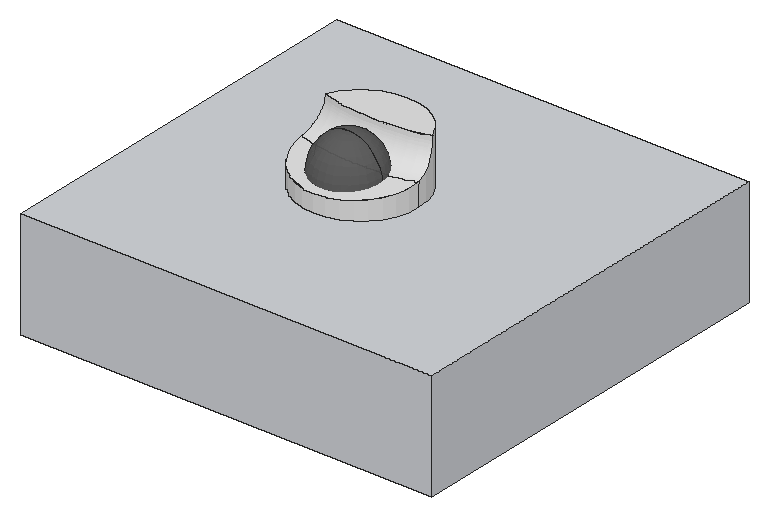
Revit family
Parameters (values of type "Standard")
  z Dome Material = Polycarbonate Resin - Panasonic - Smoked
  z Base Radius = Diameter / 2  # 1.969"
  Wide Dynamic Range (Super Dynamic) = yes
  Weight = 0.440923 lbf
  Voltage AC = 48 V
  Vandal Resistant = no
  URL = "http://security.panasonic.com/pss/security/"
  Tilting Range = "-20 to +90"
  Storage Temperature = "14°F - 122°F"  # constant formula
  Regulatory Compliance = "UL 60950-1, FCC Part 15 Class A, C-UL CAN/CSA C22.2 No.60950-1, ICES 003 Class A"
  Provide Feedback = "https://www.surveymonkey.com/s/95FL6QY"
  Product Page URL = "http://security.panasonic.com/pss/security/products/hd/wv-sf132/index.html"
  Product Material = ABS Resin - Panasonic - Sail White
  Product Documentation Link = "http://cr.panasonic.com/assets/18000-18999/ucm_stg_cnt_052424.pdf"
  Power Active = 0.0 W
  Part Number = Model  # "WV-SF132"
  Part Description = Description  # "Security Camera, Dome, Network"
  Panning Range = "-20 to +20"
  Original Creation Date = "August 13, 2012"
  Operational Temperature = "14°F - 122°F"  # constant formula
  Operational Humidity = "90% or less (without condensation)"
  Mounting Positions = "Mount Dependent"
  Model Disclaimer = "Contact Panasonic for more information"  # constant formula
  Model = "WV-SF132"
  Minimum Illumination = 2 lx
  Manufacturer = "Panasonic"  # constant formula
  Lens Mount = "N/A"
  Indoor Or Outdoor = "Indoor"
  IP Or Analog = "IP"
  Height = 1.844"
  Has POE = yes
  Family Version = "1.0.0"  # constant formula
  Equipment Number [instance] = ""
  Equipment Abbreviation = "SC"
  Dome Part Number = "WV-CW6S"  # constant formula
  Diameter = 3.938"
  Description = "Security Camera, Dome, Network"
  Default Elevation = 0.000"
  Day Or Night = "Yes"
  Date Last Modified = "August 13, 2012"
  Copyright = "Copyright © Panasonic"  # constant formula
  Communication Ports = "10Base-T / 100Base-TX, RJ-45"
  Audio Out = "None"
  Audio In = "None"
  Angle Of View = "68"
  Alarm Input Or Output Specification = "N/A"
Types (3): name | Product Page URL | Product Documentation Link | Part Number | Part Description | Model | Minimum Illumination | Description | Angle Of View
  (no name) | "http://security.panasonic.com/pss/security/products/hd/wv-sf132/index.html" | "http://cr.panasonic.com/assets/18000-18999/ucm_stg_cnt_052424.pdf" | "WV-SF132" | "Security Camera, Dome, Network" | "WV-SF132" | 2 lx | "Security Camera, Dome, Network" | "68"
  HD | "http://security.panasonic.com/pss/security/products/hd/wv-sf135/index.html" | "http://ssbu-t.psn-web.net/Products/IP_camera/WV-SF135/Specsheet/English/PAL/WV-SF135-132_2A-078BA.pdf" | "WV-SF135" | "Security Camera, Dome, Network, HD" | "WV-SF135" | 0.8 lx | "Security Camera, Dome, Network, HD" | "104"
  Standard | "http://security.panasonic.com/pss/security/products/hd/wv-sf132/index.html" | "http://cr.panasonic.com/assets/18000-18999/ucm_stg_cnt_052424.pdf" | "WV-SF132" | "Security Camera, Dome, Network" | "WV-SF132" | 2 lx | "Security Camera, Dome, Network" | "68"
Reference planes (in)
  plane 1 "Center (Front/Back)": y = 0
  plane 2: z = 0
  plane 3 "Center (Left/Right)": x = 0
  plane 4: x = 1.969
  plane 5: x = -1.969
  plane 6: z = 1.758
  plane 7: x = -0.75
  plane 8: x = 0.75
  plane 9: y = -1
  plane 10: y = -1.75
  plane 11: y = -0.25
  plane 12: y = 0.531
  plane 13: x = -1.9405
  plane 14: x = 1.9405
  plane 15: z = 0.558
  plane 16: z = 1.258
  plane 17: z = 0.758
  plane 18: y = -0.5
  plane 19: z = 0
  plane 20: z = 1.844
Forms (in)
  Extrusion 1, solid
    sketch origin (0, 0, 0) x (1, 0, 0) y (0, 1, 0)
      loop
        line (-5.98395, 6.49686) -> (-5.98395, -6.8388) -> (7.86462, -6.8388) -> (7.86462, 6.49686) -> (-5.98395, 6.49686)
    from 0 to -3.65195
  Extrusion 2, solid, material "ABS Resin - Panasonic - Sail White" <- "Product Material"
    sketch origin (0, 0, 0) x (1, 0, 0) y (0, 1, 0)
      loop
        circle (0, 0) r 1.969
    from 0 to 1.758
  Sweep 3, void
    path in 3D
      loop
        spline (-2.08128, 1.031, 1.5) -> (-2.01037, 0.90159, 1.5) -> (-1.80244, 0.781, 1.5) -> (-1.47169, 0.67745, 1.5) -> (-1.04064, 0.59799, 1.5) -> (-0.53868, 0.54804, 1.5) -> (0, 0.531, 1.5) -> (0.53868, 0.54804, 1.5) -> (1.04064, 0.59799, 1.5) -> (1.47169, 0.67745, 1.5) -> (1.80244, 0.781, 1.5) -> (2.01037, 0.90159, 1.5) -> (2.08128, 1.031, 1.5)
    profile origin (0, 0.531, 1.5) x (0, 1, 0) y (0, 0, 1)
      loop
        line (0, 0.258) -> (-2.69735, 0.258) -> (-2.69735, -0.942) -> (-0.78008, -0.742)
        arc (-0.78008, -0.742) -> (-0.21809, -0.37614) -> (0, 0.258) r 1.031
  Revolve 4, solid, material "Polycarbonate Resin - Panasonic - Smoked"
    sketch origin (-60, -0.5, 48) x (-1, 0, 0) y (0, 0, 1)
      loop
        spline (-58.83899, -47.442) -> (-58.84892, -47.27414) -> (-58.87855, -47.10916) -> (-58.92736, -46.94987) -> (-58.99453, -46.799) -> (-59.07891, -46.65914) -> (-59.17904, -46.53266) -> (-59.29322, -46.42175) -> (-59.41949, -46.3283) -> (-59.5557, -46.2539) -> (-59.69951, -46.19983) -> (-59.84846, -46.16701) -> (-60, -46.15601)
        line (-60, -46.15601) -> (-60, -47.442) -> (-58.83899, -47.442)
      axis (-60, -46.15601) -> (-60, -47.442)
    angle from 0 to 360
  Sweep 5, void
    path in 3D
      loop
        spline (1.80671, 0.78278, 1.758) -> (1.54073, 0.69486, 1.758) -> (1.23372, 0.62832, 1.758) -> (0.91744, 0.5822, 1.758) -> (0.61428, 0.55327, 1.758) -> (0.30684, 0.53647, 1.758) -> (0.00162, 0.531, 1.758) -> (-0.30402, 0.53637, 1.758) -> (-0.61313, 0.55319, 1.758) -> (-0.91853, 0.58233, 1.758) -> (-1.23546, 0.62863, 1.758) -> (-1.54185, 0.69515, 1.758) -> (-1.80671, 0.78278, 1.758)
    profile origin (0.00162, 0.531, 1.758) x (0.000185, -1, 0) y (0, 0, 1)
      loop
        line (0, 0) -> (-0.31705, 0) -> (-0.31705, -1.758) -> (2.281, -1.758) -> (2.281, -1.15775) -> (0.78008, -1.358)
        arc (0.78008, -1.358) -> (0.2089, -0.78305) -> (0, 0) r 1.57208
Cuts and joins
  Sweep 3 cuts Extrusion 2
  Sweep 5 cuts Revolve 4
Lines and regions (in)
  Masking region 1
    outline origin (0, 0, 0) x (1, 0, 0) y (0, 1, 0)
      loop
        circle (0, 0) r 1.969
  Masking region 2
    outline origin (0, 0, 0) x (1, 0, 0) y (0, 0, 1)
      loop
        line (-1.969, 0) -> (1.969, 0) -> (1.969, 0.75) -> (1.83288, 1.258) -> (1.80671, 1.758) -> (-1.80671, 1.758) -> (-1.83288, 1.258) -> (-1.969, 0.75) -> (-1.969, 0)
  sketch lines
    curve 1: spline (-2.08128, 1.031, 1.5) -> (-2.01037, 0.90159, 1.5) -> (-1.80244, 0.781, 1.5) -> (-1.47169, 0.67745, 1.5) -> (-1.04064, 0.59799, 1.5) -> (-0.53868, 0.54804, 1.5) -> (0, 0.531, 1.5) -> (0.53868, 0.54804, 1.5) -> (1.04064, 0.59799, 1.5) -> (1.47169, 0.67745, 1.5) -> (1.80244, 0.781, 1.5) -> (2.01037, 0.90159, 1.5) -> (2.08128, 1.031, 1.5)
    curve 2: spline (1.80671, 0.78278, 1.758) -> (1.54073, 0.69486, 1.758) -> (1.23372, 0.62832, 1.758) -> (0.91744, 0.5822, 1.758) -> (0.61428, 0.55327, 1.758) -> (0.30684, 0.53647, 1.758) -> (0.00162, 0.531, 1.758) -> (-0.30402, 0.53637, 1.758) -> (-0.61313, 0.55319, 1.758) -> (-0.91853, 0.58233, 1.758) -> (-1.23546, 0.62863, 1.758) -> (-1.54185, 0.69515, 1.758) -> (-1.80671, 0.78278, 1.758)
  symbolic lines, style "SecurityDevices", detail levels fine
    curve 3: circle (0, -0.5, 0) r 1.15794 normal (0, 0, 1)
Dimensions and locks (in)
  equal spacing: plane 5, plane 3 "Center (Left/Right)", plane 4
  "Diameter": plane 5 to plane 4
  plane 6 to plane 2 = 1.758"
  plane 11 to plane 9 to plane 10 = 0.750" locked, 0.750" locked
  plane 1 "Center (Front/Back)" to plane 12 = 0.531"
  "Height": plane 20 to plane 19
  plane 6 to plane 16 to plane 17 to plane 15 to plane 19 = 0.500" locked, 0.500" locked, 0.200" locked, 0.558" locked
  "z Base Radius": radius of Extrusion 2 sketch curve
  "z Base Radius": radius of Masking region 1 sketch curve
  aligned and locked: plane 2 to Extrusion 1
  aligned and locked: level to Extrusion 1
  aligned and locked: plane 1 "Center (Front/Back)" to Extrusion 2 sketch curve
  aligned and locked: plane 3 "Center (Left/Right)" to Extrusion 2 sketch curve
  aligned and locked: plane 6 to Extrusion 2
  aligned and locked: Revolve 4 sketch curve to plane 15
  aligned and locked: cut or joined group of Extrusion 2, Sweep 3 to plane 19
  aligned and locked: plane 3 "Center (Left/Right)" to Revolve 4 sketch curve
  aligned and locked: plane 6 to Sweep 3 sketch curve
  aligned and locked: plane 15 to Sweep 3 sketch curve
  aligned and locked: plane 17 to Sweep 3 sketch curve
  aligned and locked: Sweep 5 sketch curve to plane 19
  aligned and locked: plane 6 to Sweep 5 sketch curve
Automatic sketch dimensions
  Extrusion 1 sketch curve to Extrusion 1 sketch curve = 13.84857"
  Extrusion 1 sketch curve to Extrusion 1 sketch curve = 13.33566"
  Sweep 3 sketch curve to profile plane = 0.000"
  profile plane to Sweep 3 sketch curve = 0.78008"
  Sweep 3 sketch curve to Sweep 3 sketch curve = 1.91727"
  Sweep 5 sketch curve to profile plane = 0.000"
  profile plane to Sweep 5 sketch curve = 0.31705"
  Sweep 5 sketch curve to profile plane = 0.78008"
  Sweep 5 sketch curve to Sweep 5 sketch curve = 1.50092"
  Sweep 5 sketch curve to profile plane = 1.15775"
  Sweep 5 sketch curve to Sweep 5 sketch curve = 0.400"
  plane 1 "Center (Front/Back)" to Masking region 1 sketch curve = 0.000"
  Masking region 1 sketch curve to plane 3 "Center (Left/Right)" = 0.000"
  Revolve 4 sketch curve to plane 3 "Center (Left/Right)" = 0.000"
  Revolve 4 sketch curve to Revolve 4 sketch curve = 0.000"
  Revolve 4 sketch curve to plane 16 = 0.17748"
  plane 6 to Revolve 4 sketch curve = 0.12412"
  plane 20 to Revolve 4 sketch curve = 0.00001"
  plane 7 to Revolve 4 sketch curve = 0.41101"
  plane 5 to Masking region 2 sketch curve = 0.000"
  Masking region 2 sketch curve to plane 16 = 0.000"  (x2)
  Masking region 2 sketch curve to plane 6 = 0.000"
  plane 4 to Masking region 2 sketch curve = 0.000"
  Masking region 2 sketch curve to level = 0.000"
  Masking region 2 sketch curve to plane 13 = 0.10762"
  Masking region 2 sketch curve to plane 13 = 0.13379"
  Masking region 2 sketch curve to plane 14 = 0.13379"
  Masking region 2 sketch curve to plane 14 = 0.10762"
  plane 17 to Masking region 2 sketch curve = 0.008"  (x2)
  curve 3 to plane 3 "Center (Left/Right)" = 0.000"
  plane 18 to curve 3 = 0.000"
  radius of curve 3 = 1.15794"
Connectors (in)
  electrical at (0, 0, 0), driven by "Voltage AC", driven by "Power Active"
    settings: on cut or joined group of Extrusion 2, Sweep 3, index 1, voltage 48 V, apparent load 0.0 W, apparent load phase1 0.0 W, apparent load phase2 0.0 W, apparent load phase3 0.0 W, power factor 1, load classification "Other", number of poles 1, system type 30, power factor state 1, is connector primary yes, connector utility no, sub classification motor no, connector description "Electrical Connector"
